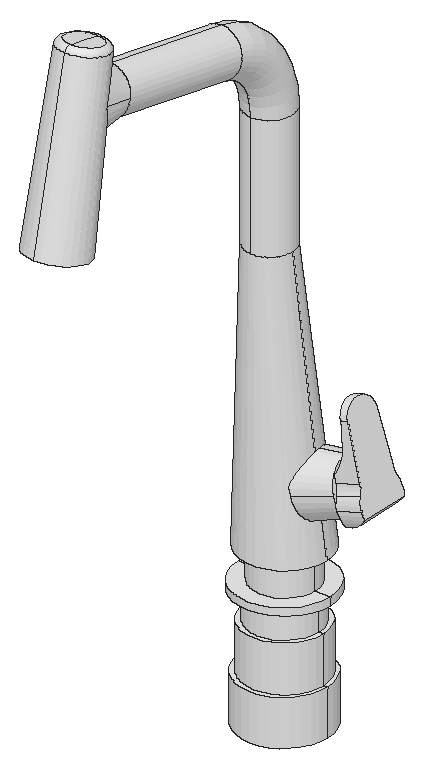
Revit family "LQ5000001_Griferia para Lavaplatos Liquid Niquel", category Plumbing Fixtures, host Face, Revit 2019
Family settings
  Host = Face
  Round Connector Dimension = Use Diameter
  Part Type = Normal
  OmniClass Number = 23.31.11.00
  OmniClass Title = Faucets
  Cut with Voids When Loaded = No
  Shared = No
  Room Calculation Point = No
Parameters (values of type "Cromo")
  Width = 55 mm
  Uso = "Residencial"  # constant formula
  Tecnologías = "DuraCrome, EcoStream, ThermoControl"  # constant formula
  Service Life or Wear (Unit) = "500.000 ciclos."  # constant formula
  Minimum Working Temperature = "5°C / 41 °F"  # constant formula
  Maximum Working Temperature = "71°C / 159,8°F"  # constant formula
  Weight = "2500 g"  # constant formula
  Net Weight = ".350 g. - 5,18 lb."  # constant formula
  Model = "Lavaplatos Monocontrol Liquid"  # constant formula
  Waste Connection = yes
  Warranty = "30 años"  # constant formula
  URL = "https://corona.co/productos/griferias/griferia-lavaplatos-liquid/p/LQ5000001"
  Reference = "LQ5010001"  # constant formula
  Minimum Pressure = "20 psi (140 Kpa)."  # constant formula
  Maximum Pressure = "125 psi (860 Kpa)."  # constant formula
  Material = Corona_Metálico
  Manufacturer = "Corona"  # constant formula
  Height = 368 mm  # constant formula
  HW Connection = yes
  Gross Weight = "2.600 g. - 5,73 lb."  # constant formula
  Fecha de creación = "13/10/2020"  # constant formula
  Fabrication place = "Colombia"  # constant formula
  Drain Diameter = 15 mm  # constant formula
  Description = "La línea de griferías, duchas y accesorios Liquid se inspira en la tensión superficial del agua\r\ny en cómo esta crea formas armoniosas adaptándose al ambiente. Al igual que el agua,\r\nlas superficies de las griferías Liquid juegan con la luz y los reflejos que fluyen alrededor\r\nde sus formas, sus líneas continuas y simplicidad formal proporcionan la ventaja práctica,\r\nlimpieza sin esfuerzo"  # constant formula
  Depth = 226 mm  # constant formula
  Default Elevation = 1219.2 mm
  Creado por = "IDD"  # constant formula
  Actual Estimated Flow Capacity at 60 psi = "5,6 L/min."  # constant formula
  CW Connection = yes
  Acabado = Corona_Niquel
Types (3, lengths in mm): name | URL | Material | Acabado
  (no name) | "https://corona.co/productos/griferias/griferia-lavaplatos-liquid/p/LQ5000001" | Corona_Metálico | Corona_Niquel
  Cromo | "https://corona.co/productos/griferias/griferia-lavaplatos-liquid/p/LQ5000001" | Corona_Metálico | Corona_Niquel
  Niquel | "https://corona.co/productos/griferias/griferia-para-lavaplatos-liquid/p/Griferia-para-Lavaplatos-Liquid-Cromo" | none | none
Reference planes
  plane 1 "Center (Front/Back)": y = 0
  plane 2: z = 0
  plane 3 "Center (Left/Right)": x = 0
  plane 4: x = 27.5
  plane 5: x = -27.5
  plane 6: z = 368
Forms (mm)
  Extrusion 1, solid, material "Corona_Niquel" <- "Acabado", detail levels coarse
    sketch origin (-1.081, 0, 0) x (1, 0, 0) y (0, 0, 1)
      loop
        line (-28.909, 368.5) -> (-28.909, 0) -> (69.136, 0) -> (69.136, 368.5) -> (-28.909, 368.5)
    from -29.248 to 205
Dimensions and locks
  equal spacing: plane 5, plane 3 "Center (Left/Right)", plane 4
  "Width": plane 5 to plane 4
  "Height": plane 6 to host face
  aligned and locked: plane 2 to host face
  aligned and locked: level to host face
Automatic sketch dimensions
  host sketch curve to host sketch curve = 2438.4 mm  (x2)
  Extrusion 1 sketch curve to level = 0 mm
  Extrusion 1 sketch curve to plane 5 = 2.49 mm
  Extrusion 1 sketch curve to plane 4 = 40.555 mm
  Extrusion 1 sketch curve to plane 6 = 0.5 mm
Nested families
  nested 1: "LQ5000001_Lavamanos Liquid" at (0, 0, 0), type "LQ5010001 LVP 8 PLG LIQUID"
Connectors
  piping at (0, 0, -103.023), diameter 12.7
    settings: on nested 1, index 1, connector inside diameter 609.6 mm, connector length 0 mm, flow factor 0, pipe flow 0.0 L/s, pressure drop 0.0 Pa, fitting loss kfactor 0, connector angle 0.00°, fixture units 0, engagement length 0 mm, angle of deflection 0.00°, flow configuration 0, flow direction 1, fitting loss method 0, system type 20, joint type 0, gender type 0, connector reference index -1, connector utility 0, adjustable connector no, is connector primary yes, connector description ""
Definition of nested family "LQ5000001_Lavamanos Liquid"
  Parameters (values of type "LQ5010001 LVP 8 PLG LIQUID")
    Width = 60 mm
    Material = none
    Height = 368.5 mm
    Depth = 198.7 mm
    Acabado = none
  Reference planes
    plane 1 "Center (Front/Back)": y = 0
    plane 2: z = 0
    plane 3 "Center (Left/Right)": x = 0
    plane 4 "Center L/S": x = 30
    plane 5 "Center L/T": x = -30
    plane 6: z = 368.5
    plane 7 "Center L/U": y = -150
    plane 8 "Center L/V": y = 150
    plane 9 "Center L/W": y = -198.7
  Forms (mm)
    Blend 1, solid, material <- "Acabado"
      base sketch origin (0, -536.027, 201.998) x (1, 0, 0) y (0, -0.190809, -0.981627)
        loop
          spline (-15, -198.7) -> (-14.489, -205.17) -> (-12.99, -211.2) -> (-10.607, -216.378) -> (-7.5, -220.351) -> (-3.882, -222.848) -> (0, -223.7) -> (3.882, -222.848) -> (7.5, -220.351) -> (10.607, -216.378) -> (12.99, -211.2) -> (14.489, -205.17) -> (15, -198.7)
          spline (15, -198.7) -> (14.489, -192.23) -> (12.99, -186.2) -> (10.607, -181.022) -> (7.5, -177.049) -> (3.882, -174.552) -> (0, -173.7) -> (-3.882, -174.552) -> (-7.5, -177.049) -> (-10.607, -181.022) -> (-12.99, -186.2) -> (-14.489, -192.23) -> (-15, -198.7)
      top sketch origin (0, -536.027, 201.998) x (1, 0, 0) y (0, -0.190809, -0.981627)
        loop
          circle (0, -198.7) r 15
      from 339.559 to 360.227
    Revolve 2, solid, material <- "Acabado"
      sketch origin (0, -4.75, 0) x (0, 1, 0) y (0, 0, 1)
        loop
          line (-192.07, 253.68) -> (-189.785, 255.965) -> (-179.929, 254.049) -> (-158.225, 365.709) -> (-169.392, 367.882)
          arc (-169.392, 367.882) -> (-172.152, 367.345) -> (-173.765, 365.041) r 3.752
          line (-173.765, 365.041) -> (-199.091, 255.045) -> (-192.07, 253.68)
        axis (-158.224, 365.711) -> (-180.441, 251.42)
      angle from 0 to 360
    Sweep 3, solid, material <- "Acabado"
      path origin (0, 0, 0) x (0, 1, 0) y (0, 0, 1)
        loop
          line (-12.25, 181.25) -> (-12.25, 261.057)
          arc (-12.25, 261.057) -> (-23.985, 293.389) -> (-53.726, 310.667) r 50.408
          line (-53.726, 310.667) -> (-144.505, 328.313)
      profile origin (0, -12.25, 221.153) x (0, -1, 0) y (1, 0, 0)
        loop
          circle (0, 0) r 15
    Blend 4, solid, material <- "Acabado"
      base sketch origin (0, 0, 0) x (1, 0, 0) y (0, 1, 0)
        loop
          circle (0, 0) r 27.25
      top sketch origin (0, 0, 0) x (1, 0, 0) y (0, 1, 0)
        loop
          circle (0, -12.25) r 15
      from 0 to 181.25
    Revolve 5, solid, material <- "Acabado"
      sketch origin (0, 0, 0) x (1, 0, 0) y (0, 0, 1)
        loop
          line (0, 0) -> (-20, 0) -> (-20, -20) -> (-30, -20) -> (-30, -25) -> (-22.262, -25) -> (-22.262, -43.342) -> (-25.357, -43.342) -> (-25.357, -73.342) -> (-28.258, -73.342) -> (-28.258, -103.023) -> (0, -103.023) -> (0, 0)
        axis (0, 0) -> (0, -103.023)
      angle from 0 to 360
    SweptBlend 6, solid, material <- "Acabado"
      path origin (-10.135, 0, -0.113) x (1, 0, 0) y (0, 0, 1)
        loop
          line (29.977, 43.795) -> (55.615, 51.147)
      profile origin (19.842, 0, 43.682) x (-0.275637, 0, 0.961262) y (0, -1, 0)
        loop
          arc (0, 20) -> (-14.142, 14.142) -> (-20, 0) r 20
          arc (-20, 0) -> (-14.142, -14.142) -> (0, -20) r 20
          arc (0, -20) -> (14.142, -14.142) -> (20, 0) r 20
          arc (20, 0) -> (14.142, 14.142) -> (0, 20) r 20
      end profile origin (45.48, 0, 51.034) x (-0.275637, 0, 0.961262) y (0, -1, 0)
        loop
          arc (-16.779, 0) -> (-11.865, -11.865) -> (0, -16.779) r 16.779
          arc (0, -16.779) -> (11.865, -11.865) -> (16.779, 0) r 16.779
          arc (16.779, 0) -> (11.865, 11.865) -> (0, 16.779) r 16.779
          arc (0, 16.779) -> (-11.865, 11.865) -> (-16.779, 0) r 16.779
    Extrusion 7, solid, material <- "Acabado"
      sketch origin (56.896, 0, 11.222) x (0.275637, 0, -0.961262) y (0, -1, 0)
        loop
          arc (-33.836, -16.779) -> (-17.057, 0) -> (-33.836, 16.779) r 16.779
          arc (-33.836, 16.779) -> (-37.779, 16.309) -> (-41.501, 14.926) r 16.779
          arc (-41.501, 14.926) -> (-44.442, 13.792) -> (-47.557, 13.304) r 14.857
          line (-47.557, 13.304) -> (-81.696, 11.623)
          arc (-81.696, 11.623) -> (-91.277, 0) -> (-81.696, -11.623) r 11.84
          line (-81.696, -11.623) -> (-47.557, -13.304)
          arc (-47.557, -13.304) -> (-44.442, -13.792) -> (-41.501, -14.926) r 14.857
          arc (-41.501, -14.926) -> (-37.779, -16.309) -> (-33.836, -16.779) r 16.779
      from 0 to -16.505
    Extrusion 8, void, detail levels medium+fine
      sketch origin (-10.135, 0, -0.113) x (1, 0, 0) y (0, 0, 1)
        loop
          arc (50.99, 67.276) -> (54.755, 69.96) -> (56.745, 74.134) r 9.226
          arc (56.745, 74.134) -> (57.465, 81.634) -> (56.745, 89.134) r 39.392
          arc (56.745, 89.134) -> (55.5, 94.323) -> (53.806, 99.383) r 60.874
          arc (53.806, 99.383) -> (53.454, 104.895) -> (56.305, 109.625) r 9.249
          arc (56.305, 109.625) -> (57.564, 110.465) -> (59.001, 110.938) r 5.584
          arc (59.001, 110.938) -> (62.168, 110.059) -> (64.076, 107.384) r 4.922
          line (64.076, 107.384) -> (77.343, 61.117)
          arc (77.343, 61.117) -> (74.459, 42.92) -> (58.664, 33.435) r 21.793
          line (58.664, 33.435) -> (61.632, 23.083) -> (87.892, 30.613) -> (63.98, 114.003) -> (39.597, 107.011) -> (50.99, 67.276)
      from -34.72 to 25
    SweptBlend 9, void, detail levels medium+fine
      path in 3D
        loop
          arc (45.48, -16.779, 51.034) -> (42.21, -11.865, 62.439) -> (40.855, 0, 67.163) r 16.779
      profile origin (45.48, -16.779, 51.034) x (0, -1, 0) y (0.961262, 0, 0.275637)
        loop
          line (0, 0) -> (25, 0) -> (25, 10)
          arc (25, 10) -> (18.75, 10.468) -> (12.5, 10) r 42
          arc (12.5, 10) -> (4.909, 6.676) -> (0, 0) r 16
      end profile origin (40.855, 0, 67.163) x (-0.275637, 0, 0.961262) y (0.961262, 0, 0.275637)
        loop
          line (0, 0) -> (25, 0) -> (25, 10)
          arc (25, 10) -> (18.75, 10.468) -> (12.5, 10) r 42
          arc (12.5, 10) -> (4.907, 6.678) -> (0, 0) r 15.978
    SweptBlend 10, void, detail levels medium+fine
      path in 3D
        loop
          arc (45.48, 16.779, 51.034) -> (42.21, 11.865, 62.439) -> (40.855, 0, 67.163) r 16.779
      profile origin (45.48, 16.779, 51.034) x (0, -1, 0) y (0.961262, 0, 0.275637)
        loop
          arc (0, 0) -> (-4.909, 6.676) -> (-12.5, 10) r 16
          arc (-12.5, 10) -> (-18.75, 10.468) -> (-25, 10) r 42
          line (-25, 10) -> (-25, 0) -> (0, 0)
      end profile origin (40.855, 0, 67.163) x (0.275637, 0, -0.961262) y (0.961262, 0, 0.275637)
        loop
          arc (0, 0) -> (-4.907, 6.678) -> (-12.5, 10) r 15.978
          arc (-12.5, 10) -> (-18.75, 10.468) -> (-25, 10) r 42
          line (-25, 10) -> (-25, 0) -> (0, 0)
  Cuts and joins
    joined: Blend 1, Revolve 2
    Extrusion 8, SweptBlend 9, SweptBlend 10 cuts Extrusion 7
    joined: Sweep 3, Blend 4, SweptBlend 6, Extrusion 7
  Lines and regions (mm)
    sketch lines
      curve 1: arc (45.48, -16.779, 51.034) -> (42.21, -11.865, 62.439) -> (40.855, 0, 67.163) r 16.779
      curve 2: arc (45.48, 16.779, 51.034) -> (42.21, 11.865, 62.439) -> (40.855, 0, 67.163) r 16.779
  Dimensions and locks
    equal spacing: plane 5 "Center L/T", plane 3 "Center (Left/Right)", plane 4 "Center L/S"
    "Width": plane 5 "Center L/T" to plane 4 "Center L/S"
    "Height": plane 6 to level
    "Depth": plane 9 "Center L/W" to plane 1 "Center (Front/Back)"
    plane 6 to level = 368.5 mm
    aligned and locked: level to plane 2
  Automatic sketch dimensions
    Blend 1 sketch curve to plane 3 "Center (Left/Right)" = 0 mm  (x2)
    Blend 1 sketch curve to plane 3 "Center (Left/Right)" = 15 mm
    plane 9 "Center L/W" to Revolve 2 sketch curve = 5.141 mm
    Revolve 2 sketch curve to plane 9 "Center L/W" = 1.88 mm
    Revolve 2 sketch curve to Revolve 2 sketch curve = 2.285 mm  (x2)
    Revolve 2 sketch curve to Revolve 2 sketch curve = 9.856 mm
    Revolve 2 sketch curve to plane 6 = 3.459 mm
    Revolve 2 sketch curve to plane 9 "Center L/W" = 20.185 mm
    Revolve 2 sketch curve to Revolve 2 sketch curve = 3.656 mm
    Revolve 2 sketch curve to plane 6 = 0.618 mm
    Revolve 2 sketch curve to Revolve 2 sketch curve = 0.717 mm
    Revolve 2 sketch curve to plane 6 = 2.791 mm  (x2)
    Revolve 2 sketch curve to Revolve 2 sketch curve = 11.167 mm
    Revolve 2 sketch curve to Revolve 2 sketch curve = 108.234 mm
    Revolve 2 sketch curve to Revolve 2 sketch curve = 0.92 mm
    Revolve 2 sketch curve to Revolve 2 sketch curve = 0 mm  (x3)
    plane 1 "Center (Front/Back)" to Sweep 3 sketch curve = 62.658 mm
    Sweep 3 sketch curve to Sweep 3 sketch curve = 8.932 mm
    plane 1 "Center (Front/Back)" to Sweep 3 sketch curve = 12.25 mm
    Sweep 3 sketch curve to plane 6 = 107.443 mm
    Sweep 3 sketch curve to plane 7 "Center L/U" = 5.495 mm
    Sweep 3 sketch curve to Sweep 3 sketch curve = 79.808 mm
    Sweep 3 sketch curve to plane 6 = 40.187 mm
    Sweep 3 sketch curve to plane 3 "Center (Left/Right)" = 0 mm
    Sweep 3 sketch curve to profile plane = 0 mm
    plane 1 "Center (Front/Back)" to Blend 4 sketch curve = 0 mm
    Blend 4 sketch curve to plane 3 "Center (Left/Right)" = 0 mm  (x2)
    plane 1 "Center (Front/Back)" to Blend 4 sketch curve = 12.25 mm
    Revolve 5 sketch curve to level = 0 mm
    Revolve 5 sketch curve to plane 3 "Center (Left/Right)" = 0 mm  (x2)
    Revolve 5 sketch curve to plane 3 "Center (Left/Right)" = 20 mm
    Revolve 5 sketch curve to Revolve 5 sketch curve = 2.262 mm
    Revolve 5 sketch curve to Revolve 5 sketch curve = 3.095 mm
    Revolve 5 sketch curve to plane 3 "Center (Left/Right)" = 28.258 mm
    Revolve 5 sketch curve to Revolve 5 sketch curve = 7.738 mm
    Revolve 5 sketch curve to level = 20 mm
    Revolve 5 sketch curve to Revolve 5 sketch curve = 5 mm
    Revolve 5 sketch curve to Revolve 5 sketch curve = 18.342 mm
    Revolve 5 sketch curve to Revolve 5 sketch curve = 30 mm
    Revolve 5 sketch curve to Revolve 5 sketch curve = 29.68 mm
    Revolve 5 sketch curve to Revolve 5 sketch curve = 13.748 mm
    level to Revolve 5 sketch curve = 8.23 mm
    plane 3 "Center (Left/Right)" to SweptBlend 6 sketch curve = 19.842 mm
    level to SweptBlend 6 sketch curve = 43.682 mm
    SweptBlend 6 sketch curve to SweptBlend 6 sketch curve = 25.638 mm
    SweptBlend 6 sketch curve to SweptBlend 6 sketch curve = 7.352 mm
    SweptBlend 6 sketch curve to SweptBlend 6 sketch curve = 0 mm  (x24)
    profile plane to SweptBlend 6 sketch curve = 0 mm  (x2)
    SweptBlend 6 sketch curve to profile plane = 0 mm  (x2)
    profile plane to SweptBlend 6 sketch curve = 20 mm
    SweptBlend 6 sketch curve to SweptBlend 6 sketch curve = 16.779 mm
    Extrusion 7 sketch curve to Extrusion 7 sketch curve = 0 mm  (x7)
    Extrusion 7 sketch curve to plane 1 "Center (Front/Back)" = 0 mm  (x2)
    plane 1 "Center (Front/Back)" to Extrusion 7 sketch curve = 11.623 mm
    Extrusion 7 sketch curve to plane 1 "Center (Front/Back)" = 11.623 mm
    Extrusion 7 sketch curve to Extrusion 7 sketch curve = 2.259 mm
    Extrusion 7 sketch curve to Extrusion 7 sketch curve = 33.409 mm  (x2)
    plane 1 "Center (Front/Back)" to Extrusion 7 sketch curve = 13.304 mm
    Extrusion 7 sketch curve to Extrusion 7 sketch curve = 0.731 mm  (x2)
    Extrusion 7 sketch curve to plane 1 "Center (Front/Back)" = 13.304 mm
    Extrusion 7 sketch curve to Extrusion 7 sketch curve = 13.721 mm
    Extrusion 7 sketch curve to Extrusion 7 sketch curve = 14.839 mm  (x2)
    Extrusion 8 sketch curve to plane 3 "Center (Left/Right)" = 13.151 mm
    plane 3 "Center (Left/Right)" to Extrusion 8 sketch curve = 7.938 mm
    plane 3 "Center (Left/Right)" to Extrusion 8 sketch curve = 29.461 mm
    plane 3 "Center (Left/Right)" to Extrusion 8 sketch curve = 37.553 mm
    Extrusion 8 sketch curve to Extrusion 8 sketch curve = 3.302 mm
    Extrusion 8 sketch curve to Extrusion 8 sketch curve = 5.404 mm
    Extrusion 8 sketch curve to Extrusion 8 sketch curve = 2.269 mm
    Extrusion 8 sketch curve to Extrusion 8 sketch curve = 19.748 mm
    Extrusion 8 sketch curve to Extrusion 8 sketch curve = 0.664 mm
    level to Extrusion 8 sketch curve = 22.97 mm
    Extrusion 8 sketch curve to Extrusion 8 sketch curve = 2.968 mm
    Extrusion 8 sketch curve to Extrusion 8 sketch curve = 2.431 mm
    Extrusion 8 sketch curve to Extrusion 8 sketch curve = 4.636 mm
    Extrusion 8 sketch curve to Extrusion 8 sketch curve = 4.068 mm
    Extrusion 8 sketch curve to Extrusion 8 sketch curve = 20.949 mm
    level to Extrusion 8 sketch curve = 30.5 mm
    Extrusion 8 sketch curve to Extrusion 8 sketch curve = 26.26 mm
    Extrusion 8 sketch curve to Extrusion 8 sketch curve = 12.167 mm
    Extrusion 8 sketch curve to Extrusion 8 sketch curve = 8.614 mm
    Extrusion 8 sketch curve to Extrusion 8 sketch curve = 1.654 mm
    Extrusion 8 sketch curve to Extrusion 8 sketch curve = 4.09 mm
    Extrusion 8 sketch curve to Extrusion 8 sketch curve = 11.302 mm
    Extrusion 8 sketch curve to Extrusion 8 sketch curve = 2.743 mm
    Extrusion 8 sketch curve to Extrusion 8 sketch curve = 0.582 mm
    Extrusion 8 sketch curve to Extrusion 8 sketch curve = 1.939 mm
    Extrusion 8 sketch curve to Extrusion 8 sketch curve = 5.539 mm
    Extrusion 8 sketch curve to Extrusion 8 sketch curve = 0 mm  (x3)
    profile plane to SweptBlend 9 sketch curve = 0 mm  (x2)
    SweptBlend 9 sketch curve to profile plane = 5.798 mm
    SweptBlend 9 sketch curve to profile plane = 14.889 mm
    SweptBlend 9 sketch curve to profile plane = 18.75 mm  (x2)
    SweptBlend 9 sketch curve to SweptBlend 9 sketch curve = 10.111 mm
    SweptBlend 9 sketch curve to SweptBlend 9 sketch curve = 25.734 mm
    SweptBlend 9 sketch curve to SweptBlend 9 sketch curve = 10 mm
    SweptBlend 9 sketch curve to profile plane = 0 mm  (x2)
    SweptBlend 9 sketch curve to profile plane = 5.818 mm
    SweptBlend 9 sketch curve to profile plane = 14.905 mm
    SweptBlend 9 sketch curve to SweptBlend 9 sketch curve = 10.095 mm
    SweptBlend 9 sketch curve to SweptBlend 9 sketch curve = 25.714 mm
    profile plane to SweptBlend 9 sketch curve = 10 mm
    profile plane to SweptBlend 10 sketch curve = 0 mm
    profile plane to SweptBlend 10 sketch curve = 25 mm
    profile plane to SweptBlend 10 sketch curve = 18.75 mm  (x2)
    SweptBlend 10 sketch curve to SweptBlend 10 sketch curve = 10.111 mm
    SweptBlend 10 sketch curve to profile plane = 0 mm  (x3)
    SweptBlend 10 sketch curve to profile plane = 5.798 mm
    SweptBlend 10 sketch curve to SweptBlend 10 sketch curve = 25.734 mm
    SweptBlend 10 sketch curve to SweptBlend 10 sketch curve = 10 mm
    SweptBlend 10 sketch curve to profile plane = 5.818 mm
    profile plane to SweptBlend 10 sketch curve = 14.905 mm
    profile plane to SweptBlend 10 sketch curve = 10 mm
    SweptBlend 10 sketch curve to SweptBlend 10 sketch curve = 10.095 mm
    SweptBlend 10 sketch curve to SweptBlend 10 sketch curve = 25.714 mm
    radius of Blend 1 sketch curve = 15 mm
    radius of Sweep 3 sketch curve = 15 mm
    radius of Blend 4 sketch curve = 27.25 mm
    radius of Blend 4 sketch curve = 15 mm
  Connectors
    piping at (0, 0, -103.023), diameter 50
      settings: on Revolve 5, index 1, connector inside diameter 609.6 mm, connector length 0 mm, flow factor 0, pipe flow 0.0 L/s, pressure drop 0.0 Pa, fitting loss kfactor 0, connector angle 0.00°, fixture units 0, engagement length 0 mm, angle of deflection 0.00°, flow configuration 0, flow direction 0, fitting loss method 0, system type 7, joint type 0, gender type 0, connector reference index -1, connector utility 0, adjustable connector no, is connector primary yes, connector description ""
